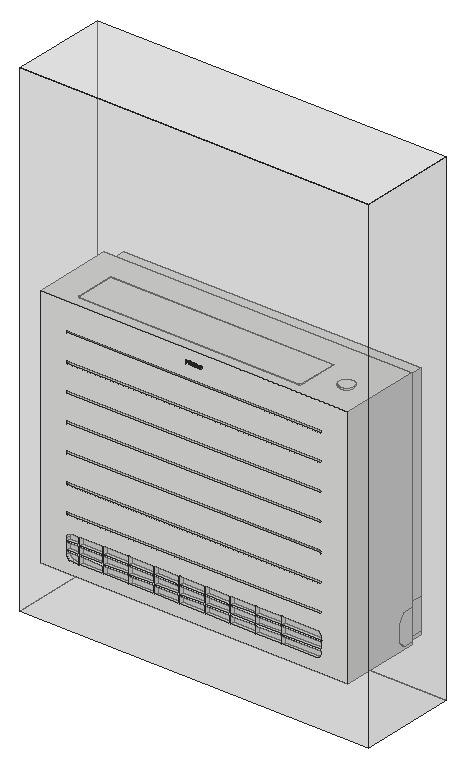
Revit family "outputfile", category 機械設備, Revit 2024
Family settings
  丸型コネクタ寸法 = 半径を使用
  パーツ タイプ = 標準
  OmniClass 番号 = 23.75.10.24.21.27.27
  OmniClass タイトル = Split System Air Conditioning Units
  作業面ベース = いいえ
  常に垂直 = はい
  ロード時にボイドで切り取り = いいえ
  注釈の向きを維持 = いいえ
  共有 = いいえ
  部屋計算ポイント = いいえ
Parameters (values of type "FVXM60YVMA")
  Description = ""
  書き出し IFC クラス(タイプ) = "IfcUnitaryEquipmentType"
  定義済み IFC タイプ(タイプ) = "AIRCONDITIONINGUNIT"
  Cost = 0
  Type Comments = ""
  Keynote = ""
  Type Image = (empty or 0)
  Assembly Code = ""
  switch_frequency = yes
  lw_powersupply [instance] = if(or(Rear Right Connection_refrigerant, Bottom Right Connection_refrigerant), 40.0 mm, if(or(Rear Left Connection_refrigerant, Bottom Left Connection_refrigerant), 630.0 mm, 40.0 mm))  # 40.0 mm
  lw_liquidpipe [instance] = if(or(Rear Right Connection_refrigerant, Bottom Right Connection_refrigerant), 60.0 mm, if(or(Rear Left Connection_refrigerant, Bottom Left Connection_refrigerant), 650.0 mm, 60.0 mm))  # 60.0 mm
  lw_gaspipe [instance] = if(or(Rear Right Connection_refrigerant, Bottom Right Connection_refrigerant), 60.0 mm, if(or(Rear Left Connection_refrigerant, Bottom Left Connection_refrigerant), 650.0 mm, 60.0 mm))  # 60.0 mm
  lw_drainpipe [instance] = if(or(Rear Right Connection_refrigerant, Bottom Right Connection_refrigerant), 80.0 mm, if(or(Rear Left Connection_refrigerant, Bottom Left Connection_refrigerant), 680.0 mm, 80.0 mm))  # 80.0 mm
  lh_liquidpipe [instance] = if(or(Bottom Left Connection_refrigerant, Bottom Right Connection_refrigerant), 258.0 mm, 60.0 mm)  # 60.0 mm
  lh_gaspipe [instance] = if(or(Bottom Left Connection_refrigerant, Bottom Right Connection_refrigerant), 211.0 mm, 40.0 mm)  # 40.0 mm
  lh_drainpipe [instance] = if(or(Bottom Left Connection_refrigerant, Bottom Right Connection_refrigerant), 95.0 mm, 20.0 mm)  # 20.0 mm
  ld_liquidpipe [instance] = if(or(Rear Left Connection_refrigerant, Rear Right Connection_refrigerant), 147.0 mm, 40.0 mm)  # 40.0 mm
  ld_gaspipe [instance] = if(or(Rear Left Connection_refrigerant, Rear Right Connection_refrigerant), 130.0 mm, 30.0 mm)  # 30.0 mm
  ld_drainpipe [instance] = if(or(Rear Left Connection_refrigerant, Rear Right Connection_refrigerant), 123.0 mm, 30.0 mm)  # 30.0 mm
  l_powersupply_length [instance] = if(Right Connection_refrigerant, 40.0 mm - 14.0 mm, if(Left Connection_refrigerant, 750.0 mm - 40.0 mm - 14.0 mm, if(or(Rear Left Connection_refrigerant, Rear Right Connection_refrigerant), 30.0 mm, 74.0 mm)))  # 26.0 mm
  l_liquidpipe_length [instance] = if(Right Connection_refrigerant, 60.0 mm - 14.0 mm, if(Left Connection_refrigerant, 750.0 mm - 60.0 mm - 14.0 mm, if(or(Rear Left Connection_refrigerant, Rear Right Connection_refrigerant), 147.0 mm, 258.0 mm)))  # 46.0 mm
  l_gaspipe_length [instance] = if(Right Connection_refrigerant, 60.0 mm - 14.0 mm, if(Left Connection_refrigerant, 750.0 mm - 60.0 mm - 14.0 mm, if(or(Rear Left Connection_refrigerant, Rear Right Connection_refrigerant), 130.0 mm, 211.0 mm)))  # 46.0 mm
  l_drainpipe_length [instance] = if(Right Connection_refrigerant, 80.0 mm - 14.0 mm, if(Left Connection_refrigerant, 750.0 mm - 80.0 mm - 14.0 mm, if(or(Rear Left Connection_refrigerant, Rear Right Connection_refrigerant), 123.0 mm, 95.0 mm)))  # 66.0 mm
  daikin_mountinghole = Depth = 350.0 mm  # no
  connector_voltage = Voltage_60Hz  # 220 V
  connector_powerinput = [Power Input (Cooling)]  # 1.660 kW
  connector_phase = Phase_60Hz  # 1
  angle_vertical [instance] = if(or(Bottom Left Connection_refrigerant, Bottom Right Connection_refrigerant), 0.00°, 90.00°)  # 90.00°
  angle_horizontal [instance] = if(Right Connection_refrigerant, 90.00°, if(Left Connection_refrigerant, -90.00°, if(or(Rear Left Connection_refrigerant, Rear Right Connection_refrigerant), 180.00°, 0.00°)))  # 90.00°
  Voltage_comment_60Hz = "220-230"
  Voltage_comment_50Hz = "220 - 240"
  Voltage_60Hz = 220 V
  Voltage_50Hz = 230 V
  URL = ""
  Total Heating Capacity [instance] = 0.000 kW
  Right Connection_refrigerant [instance] = yes
  製造元 = "Daikin"
  モデル = "FVXM60YVMA"
  r_Liquid Pipe Size = Liquid Pipe Size / 2  # 3.2 mm
  r_Gas Pipe Size = Gas Pipe Size / 2  # 6.35 mm
  r_Drain Pipe Size = Drain Pipe Size / 2  # 8.0 mm
  h*** = 0.0 mm  # constant formula
  Width = 750.0 mm
  Version = "ver.1.0"
  Unit Type = "Floor Standing"
  Unit Mass Weight = 18.00 kg
  Unit Designation [instance] = ""
  Uniclass2015Version = "Products v1.30"
  Uniclass2015Title = "Split coil room air conditioning units"
  Uniclass2015Code = "Pr_70_65_03_86"
  Total Cooling Capacity [instance] = 0.000 kW
  Sound Pressure Level_M speed (dBA) = 41
  Sound Pressure Level_L speed (dBA) = 36
  Sound Pressure Level_H speed (dBA) = 52
  Sound Power Level_H speed (dB) = 0
  Series = "Single Split_Fan Coil Unit"
  Sensible Cooling Capacity [instance] = 0.000 kW
  Refrigerant Type = "R32"
  Rear Right Connection_refrigerant [instance] = no
  Rear Left Connection_refrigerant [instance] = no
  Power Input (Heating) = 1.820 kW
  Power Input (Cooling) = 1.660 kW
  Phase_60Hz = 1
  Phase_50Hz = 1
  Option Accessory 3 [instance] = ""
  Option Accessory 2 [instance] = ""
  Option Accessory 1 [instance] = ""
  Nominal Heating Capacity = 7.000 kW
  Nominal Cooling Capacity = 6.000 kW
  Minimum External Static Pressure = 0.00 Pa
  Minimum Circuit Amps_60Hz = 0.0 A
  Minimum Circuit Amps_50Hz = 0.0 A
  Minimum Airflow = 468.00 m³/h
  Median Airflow = 582.00 m³/h
  Maximum Fuse Amps_60Hz = 0.0 A
  Maximum Fuse Amps_50Hz = 0.0 A
  Maximum External Static Pressure = 0.00 Pa
  Maximum Airflow = 876.00 m³/h
  Material_Casing = DAIKIN_White_Casing_indoorunit
  Load Classification = HVAC
  Liquid Pipe Size = 6.4 mm
  Link_Nested Family [instance] = ""
  Left Connection_refrigerant [instance] = no
  IfcVersion = ""
  IfcExportType = "AIRCONDITIONINGUNIT"
  IfcExportAs = "IfcUnitaryEquipmentType"
  Height = 600.0 mm
  Heating Entering Wet Bulb Temperature [instance] = -273.15 °C
  Heating Entering Dry Bulb Temperature [instance] = -273.15 °C
  Heating Ambient Wet Bulb Temperature [instance] = -273.15 °C
  Heating Ambient Dry Bulb Temperature [instance] = -273.15 °C
  Heat Exchanger Type = "Cross Fin Coil"
  Gas Pipe Size = 12.7 mm
  Frequency_60Hz = 60 Hz
  Frequency_50Hz = 50 Hz
  Fan Type = "Turbo Fan"
  Fan Drive = "-"
  FCU Tag No. [instance] = ""
  Drain Pipe Size = 16.0 mm
  Design Supply Airflow [instance] = 0.00 m³/h
  Design External Static Pressure [instance] = 0.00 Pa
  Depth = 238.0 mm
  既定の高さ = 0.0 mm
  Cooling Entering Wet Bulb Temperature [instance] = 0.00 °C
  Cooling Entering Dry Bulb Temperature [instance] = 0.00 °C
  Cooling Ambient Wet Bulb Temperature [instance] = 0.00 °C
  Cooling Ambient Dry Bulb Temperature [instance] = 0.00 °C
  Clearance visibility [instance] = yes
  Clearance Top = 467.0 mm
  Clearance Right = 50.0 mm
  Clearance Rear = 0.0 mm
  Clearance Left = 50.0 mm
  Clearance Front = 0.0 mm
  Clearance Bottom = 120.0 mm
  Bottom Right Connection_refrigerant [instance] = no
  Bottom Left Connection_refrigerant [instance] = no
Reference planes
  plane 1: z = 0
  plane 2 "Center (Left/Right)": x = 0
  plane 3 "Center (Front/Back)": y = -23
  plane 4 "Front": y = -142
  plane 5: x = 315
  plane 6: x = 315
  plane 7: z = 0
  plane 8: z = 467
  plane 9: z = -720
  plane 10: x = -425
  plane 11: x = 425
  plane 12: y = -142
  plane 13: y = 96
  plane 14 "Bottom": z = -600
  plane 15 "Left": x = -375
  plane 16 "Right": x = 375
  plane 17 "Top": z = 0
  plane 18 "Back": y = 96
  plane 19 "lh_drainpipe": z = -580
  plane 20 "ld_liquidpipe_gaspipe": y = 56
  plane 21 "ld_drainpipe": y = 66
  plane 22 "ld_powersupply": y = 66
  plane 23 "lh_liquidpipe": z = -540
  plane 24 "lh_gaspipe": z = -560
  plane 25 "ld_gaspipe": y = 66
  plane 26 "lw_drainpipe": x = 295
  plane 27 "lw_powersupply": x = 335
  plane 28 "lh_powersupply": z = -526
Dimensions and locks
  "Width": plane 16 "Right" to plane 15 "Left"
  equal spacing: plane 16 "Right", plane 2 "Center (Left/Right)", plane 15 "Left"
  "Clearance Rear": plane 13 to plane 18 "Back"
  "Clearance Right": plane 11 to plane 16 "Right"
  "Clearance Left": plane 15 "Left" to plane 10
  "Clearance Top": plane 8 to plane 17 "Top"
  "Clearance Bottom": plane 14 "Bottom" to plane 9
  "Height": plane 1 to plane 14 "Bottom"
  equal spacing: plane 18 "Back", plane 3 "Center (Front/Back)", plane 4 "Front"
  "Depth": plane 18 "Back" to plane 4 "Front"
  "Clearance Front": plane 4 "Front" to plane 12
  "ld_liquidpipe": plane 18 "Back" to plane 20 "ld_liquidpipe_gaspipe"
  "lh_liquidpipe": plane 23 "lh_liquidpipe" to plane 14 "Bottom"
  "lw_liquidpipe": plane 6 to plane 16 "Right"
  "ld_gaspipe": plane 18 "Back" to plane 25 "ld_gaspipe"
  "lw_gaspipe": plane 5 to plane 16 "Right"
  "lh_gaspipe": plane 24 "lh_gaspipe" to plane 14 "Bottom"
  "lh_drainpipe": plane 19 "lh_drainpipe" to plane 14 "Bottom"
  "lw_drainpipe": plane 26 "lw_drainpipe" to plane 16 "Right"
  "ld_drainpipe": plane 18 "Back" to plane 21 "ld_drainpipe"
  "lw_powersupply": plane 27 "lw_powersupply" to plane 16 "Right"
  locked: plane 18 "Back" to plane 22 "ld_powersupply" at 30
  locked: plane 28 "lh_powersupply" to plane 14 "Bottom" at 74
  aligned and locked: level to plane 1
  aligned and locked: nested 1 to plane 13
  aligned and locked: nested 1 to plane 12
  aligned and locked: plane 8 to nested 1
  aligned and locked: plane 9 to nested 1
  aligned and locked: plane 10 to nested 1
  aligned and locked: plane 11 to nested 1
  aligned and locked: nested 2 to plane 18 "Back"
  aligned and locked: plane 2 "Center (Left/Right)" to nested 2
  aligned and locked: plane 17 "Top" to nested 2
  aligned and locked: nested 3 to plane 20 "ld_liquidpipe_gaspipe"
  aligned and locked: plane 6 to nested 3
  aligned and locked: nested 4 to plane 25 "ld_gaspipe"
  aligned and locked: plane 5 to nested 4
  aligned and locked: plane 26 "lw_drainpipe" to nested 5
  aligned and locked: nested 5 to plane 21 "ld_drainpipe"
  aligned and locked: plane 27 "lw_powersupply" to nested 6
  aligned and locked: nested 6 to plane 22 "ld_powersupply"
  aligned and locked: plane 17 "Top" to plane 1
Nested families
  nested 1: "daikin_clearancespace" at (0, -23, -126.381), visible <- "Clearance visibility", show <- "Clearance visibility", Link_Nested Family <- "Link_Nested Family", type "daikin_clearancespace"
    with width 850.0 mm, show yes, height 1187.0 mm, depth 238.0 mm, Link_Nested Family ""
  nested 2: "DAIKIN_indoorunit_FVXM-YVMA" at (-31, 96, 0), type "FVXM-YVMA"
  nested 3: "daikin_connector_rotate3" at (315, 56, -540), angle_vertical <- "angle_vertical", angle_horizontal <- "angle_horizontal", radius <- "r_Liquid Pipe Size", length <- "l_liquidpipe_length", type "daikin_connector_rotate3"
    with show no, radius 3.2 mm, length 46.0 mm, angle_vertical 90.00°, angle_horizontal 90.00°
  nested 4: "daikin_connector_rotate3" at (315, 66, -560), angle_vertical <- "angle_vertical", angle_horizontal <- "angle_horizontal", length <- "l_gaspipe_length", radius <- "r_Gas Pipe Size", type "daikin_connector_rotate3"
    with show no, radius 6.35 mm, length 46.0 mm, angle_vertical 90.00°, angle_horizontal 90.00°
  nested 5: "daikin_connector_rotate3" at (295, 66, -580), angle_vertical <- "angle_vertical", angle_horizontal <- "angle_horizontal", length <- "l_drainpipe_length", radius <- "r_Drain Pipe Size", type "daikin_connector_rotate3"
    with show no, radius 8.0 mm, length 66.0 mm, angle_vertical 90.00°, angle_horizontal 90.00°
  nested 6: "daikin_connector_rotate3" at (335, 66, -526), angle_vertical <- "angle_vertical", angle_horizontal <- "angle_horizontal", length <- "l_powersupply_length", type "daikin_connector_rotate3"
    with show no, radius 10.0 mm, length 26.0 mm, angle_vertical 90.00°, angle_horizontal 90.00°
Connectors
  piping at (361, 56, -540), diameter 6.4, driven by "r_Liquid Pipe Size"
    settings: on nested 3, index 1, connector inside diameter 609.6 mm, connector length 0.0 mm, flow factor 0, pipe flow 0.00 m³/h, pressure drop 0.0 Pa, fitting loss kfactor 0, connector angle 0.00°, fixture units 0, engagement length 0.0 mm, angle of deflection 0.00°, flow configuration 1, flow direction 1, fitting loss method 0, system type 29, joint type 0, gender type 0, connector reference index -1, connector utility 0, adjustable connector no, is connector primary yes, connector description "Refrigerant Liquid Piping"
  piping at (361, 66, -560), diameter 12.7, driven by "r_Gas Pipe Size"
    settings: on nested 4, index 2, connector inside diameter 609.6 mm, connector length 0.0 mm, flow factor 0, pipe flow 0.00 m³/h, pressure drop 0.0 Pa, fitting loss kfactor 0, connector angle 0.00°, fixture units 0, engagement length 0.0 mm, angle of deflection 0.00°, flow configuration 1, flow direction 2, fitting loss method 0, system type 29, joint type 0, gender type 0, connector reference index -1, connector utility 0, adjustable connector no, is connector primary no, connector description "Refrigerant Gas Piping"
  piping at (361, 66, -580), diameter 16, driven by "r_Drain Pipe Size"
    settings: on nested 5, index 3, connector inside diameter 609.6 mm, connector length 0.0 mm, flow factor 0, pipe flow 0.00 m³/h, pressure drop 0.0 Pa, fitting loss kfactor 0, connector angle 0.00°, fixture units 0, engagement length 0.0 mm, angle of deflection 0.00°, flow configuration 1, flow direction 2, fitting loss method 4, system type 16, joint type 0, gender type 0, connector reference index -1, connector utility 0, adjustable connector no, is connector primary no, connector description "Condensate Drain Piping"
  electrical at (361, 66, -526), driven by "connector_phase", driven by "Load Classification", driven by "connector_voltage", driven by "connector_powerinput"
    settings: on nested 6, index 4, voltage 220 V, apparent load 1660 VA, apparent load phase1 0 VA, apparent load phase2 0 VA, apparent load phase3 0 VA, power factor 1, load classification "HVAC", number of poles 1, system type 30, power factor state 1, is connector primary yes, connector utility no, sub classification motor no, connector description "Power Supply"
Definition of nested family "daikin_clearancespace"
  Parameters (values of type "daikin_clearancespace")
    Description = "daikin_clearancespace"
    width [instance] = 1823.963 mm
    show [instance] = yes
    material = none
    height [instance] = 1359.762 mm
    depth [instance] = 880.0 mm
    Default Elevation = 0.0 mm
    Link_Nested Family [instance] = ""
  Reference planes
    plane 1 "Center (Front/Back)": y = 0
    plane 2 "Center (Elevation)": z = -0.119
    plane 3 "Center (Left/Right)": x = 0
    plane 4: y = 440
    plane 5: y = -440
    plane 6 "Right": x = 911.982
    plane 7 "Left": x = -911.982
    plane 8 "Top": z = 679.762
    plane 9 "Bottom": z = -680
  Forms (mm)
    Extrusion 1, solid, material <- "material", visible <- "show"
      sketch origin (0, 0, 0) x (1, 0, 0) y (0, 1, 0)
        loop
          line (-911.982, 440) -> (-911.982, -440) -> (911.982, -440) -> (911.982, 440) -> (-911.982, 440)
      from -680 to 679.762
  Lines and regions (mm)
    symbolic lines, visible <- "show"
      curve 1: line (911.982, 440, 0) -> (-911.982, 440, 0)
      curve 2: line (-911.982, 440, 0) -> (-911.982, -440, 0)
      curve 3: line (-911.982, -440, 0) -> (911.982, -440, 0)
      curve 4: line (911.982, -440, 0) -> (911.982, 440, 0)
      curve 5: line (911.982, 0, 679.762) -> (-911.982, 0, 679.762)
      curve 6: line (911.982, 0, -680) -> (911.982, 0, 679.762)
      curve 7: line (-911.982, 0, -680) -> (911.982, 0, -680)
      curve 8: line (-911.982, 0, 679.762) -> (-911.982, 0, -680)
      curve 9: line (0, 440, 679.762) -> (0, -440, 679.762)
      curve 10: line (0, -440, 679.762) -> (0, -440, -680)
      curve 11: line (0, 440, -680) -> (0, 440, 679.762)
      curve 12: line (0, -440, -680) -> (0, 440, -680)
  Dimensions and locks
    "width": plane 7 "Left" to plane 6 "Right"
    "depth": plane 4 to plane 5
    "height": plane 8 "Top" to plane 9 "Bottom"
    equal spacing: plane 7 "Left", plane 3 "Center (Left/Right)", plane 6 "Right"
    equal spacing: plane 4, plane 1 "Center (Front/Back)", plane 5
    equal spacing: plane 8 "Top", plane 2 "Center (Elevation)", plane 9 "Bottom"
    aligned and locked: level to plane 2 "Center (Elevation)"
    aligned and locked: Extrusion 1 sketch curve to plane 4
    aligned and locked: plane 7 "Left" to Extrusion 1 sketch curve
    aligned and locked: Extrusion 1 sketch curve to plane 5
    aligned and locked: Extrusion 1 sketch curve to plane 6 "Right"
    aligned and locked: plane 8 "Top" to Extrusion 1
    aligned and locked: curve 1 to Extrusion 1
    aligned and locked: curve 2 to Extrusion 1
    aligned and locked: curve 3 to Extrusion 1
    aligned and locked: curve 4 to Extrusion 1
    aligned and locked: curve 5 to Extrusion 1
    aligned and locked: curve 6 to Extrusion 1
    aligned and locked: curve 7 to Extrusion 1
    aligned and locked: curve 8 to Extrusion 1
    aligned and locked: curve 9 to Extrusion 1
    aligned and locked: curve 10 to Extrusion 1
    aligned and locked: curve 11 to Extrusion 1
    aligned and locked: curve 12 to Extrusion 1
    aligned and locked: Extrusion 1 to plane 9 "Bottom"
Definition of nested family "DAIKIN_indoorunit_FVXM-YVMA"
  Parameters (values of type "FVXM-YVMA")
    Width = 750.0 mm
    Material_Casing = none
    Height = 600.0 mm
    Default Elevation = 0.0 mm
  Reference planes
    plane 1 "Center (Front/Back)": y = 0
    plane 2 "reference_level": z = 0
    plane 3 "Center (Left/Right)": x = 31
    plane 4: x = -330
    plane 5: x = 392
    plane 6: z = -600
    plane 7: y = -238
    plane 8: x = -344
    plane 9: x = 406
    plane 10: z = -600
  Forms (mm)
    Extrusion 1, solid, material <- "Material_Casing"
      sketch origin (392, 3296.25, 1200) x (0, -1, 0) y (0, 0, 1)
        loop
          line (3296.25, -1715) -> (3296.25, -1790.3) -> (3314.25, -1790.3) -> (3341.25, -1790.3) -> (3341.25, -1715) -> (3312.25, -1715) -> (3296.25, -1715)
      from 0 to 5
    Extrusion 2, solid, material <- "Material_Casing"
      sketch origin (31, 2200, -600) x (-1, 0, 0) y (0, -1, 0)
        loop
          line (-276, 2220.469) -> (-276, 2333)
          arc (-276, 2333) -> (-280.393, 2343.607) -> (-291, 2348) r 15
          line (-291, 2348) -> (-331, 2348)
          arc (-331, 2348) -> (-341.607, 2343.607) -> (-346, 2333) r 15
          line (-346, 2333) -> (-346, 2220.469) -> (-276, 2220.469)
        loop
          arc (346, 2280.031) -> (344.335, 2283.756) -> (340.448, 2285) r 5
          line (340.448, 2285) -> (235.887, 2285)
          arc (235.887, 2285) -> (232.431, 2283.569) -> (231, 2280.113) r 4.887
          line (231, 2280.113) -> (231, 2220.469) -> (346, 2220.469) -> (346, 2280.031)
      from 0 to 5
    Extrusion 3, solid, material <- "Material_Casing"
      sketch origin (31, 2000, -50) x (0, 1, 0) y (0, 0, 1)
        loop
          line (-2045, 33) -> (-2045, -550) -> (-2000, -550) -> (-2000, 33) -> (-2045, 33)
      from -361 to 361
    Extrusion 4, solid, material <- "Material_Casing"
      sketch origin (31, 0, 0) x (1, 0, 0) y (0, 0, 1)
        loop
          circle (296, -542) r 58
        loop
          circle (-296, -542) r 58
      from 0 to 18
    Extrusion 5, solid, material <- "Material_Casing"
      sketch origin (-344, 3296.25, 1200) x (0, -1, 0) y (0, 0, -1)
        loop
          line (3341.25, 1715) -> (3355.25, 1715)
          arc (3355.25, 1715) -> (3370.807, 1721.444) -> (3377.25, 1737) r 22
          line (3377.25, 1737) -> (3377.25, 1768.3)
          arc (3377.25, 1768.3) -> (3370.807, 1783.856) -> (3355.25, 1790.3) r 22
          line (3355.25, 1790.3) -> (3341.25, 1790.3) -> (3341.25, 1715)
      from 0 to 5
    Extrusion 6, solid, material <- "Material_Casing"
      sketch origin (31, 0, 0) x (0, 1, 0) y (0, 0, 1)
        loop
          line (-238, -2) -> (-238, -596) -> (-229.5, -596) -> (-229.5, -600) -> (-45, -600) -> (-45, -2) -> (-238, -2)
      from -375 to 375
    Extrusion 7, void
      sketch origin (-663.497, -183, 1200) x (-1, 0, 0) y (0, 0, 1)
        loop
          line (-333.497, -1796) -> (-333.497, -1826) -> (-298.497, -1826) -> (-298.497, -1796) -> (-333.497, -1796)
        loop
          line (-1055.497, -1796) -> (-1090.497, -1796) -> (-1090.497, -1826) -> (-1055.497, -1826) -> (-1055.497, -1796)
      from -55 to 495
    Extrusion 8, solid, material <- "Material_Casing"
      sketch origin (0, 0, 0) x (1, 0, 0) y (0, 1, 0)
        loop
          circle (339.5, -158.981) r 18
      from -2 to 0
    Extrusion 9, void
      sketch origin (0, 0, 0) x (1, 0, 0) y (0, 1, 0)
        loop
          arc (-269.293, -211.674) -> (-2.048, -218.025) -> (265.245, -214.192) r 7016.372
          arc (265.245, -214.192) -> (268.673, -212.671) -> (270.079, -209.195) r 5
          line (270.079, -209.195) -> (270.079, -111.981) -> (-274.079, -111.981) -> (-274.079, -206.679)
          arc (-274.079, -206.679) -> (-272.689, -210.138) -> (-269.293, -211.674) r 5
      from -10 to 0
    Extrusion 10, solid, material <- "Material_Casing"
      sketch origin (0, 0, 0) x (1, 0, 0) y (0, 1, 0)
        loop
          arc (265.245, -214.192) -> (268.673, -212.671) -> (270.079, -209.195) r 5
          line (270.079, -209.195) -> (270.079, -111.981) -> (-274.079, -111.981) -> (-274.079, -206.679)
          arc (-274.079, -206.679) -> (-272.689, -210.138) -> (-269.293, -211.674) r 5
          arc (-269.293, -211.674) -> (-2.048, -218.025) -> (265.245, -214.192) r 7016.372
      from -10 to -2
    Extrusion 11, void
      sketch origin (-663.497, -183, 1200) x (-1, 0, 0) y (0, 0, 1)
        loop
          arc (-1002.372, -1264.5) -> (-1004.14, -1265.232) -> (-1004.872, -1267) r 2.5
          line (-1004.872, -1267) -> (-1004.872, -1269)
          arc (-1004.872, -1269) -> (-1004.286, -1270.414) -> (-1002.872, -1271) r 2
          line (-1002.872, -1271) -> (-386.123, -1271)
          arc (-386.123, -1271) -> (-384.709, -1270.414) -> (-384.123, -1269) r 2
          line (-384.123, -1269) -> (-384.123, -1267)
          arc (-384.123, -1267) -> (-384.855, -1265.232) -> (-386.623, -1264.5) r 2.5
          line (-386.623, -1264.5) -> (-1002.372, -1264.5)
        loop
          arc (-1002.372, -1330.5) -> (-1004.14, -1331.232) -> (-1004.872, -1333) r 2.5
          line (-1004.872, -1333) -> (-1004.872, -1335)
          arc (-1004.872, -1335) -> (-1004.286, -1336.414) -> (-1002.872, -1337) r 2
          line (-1002.872, -1337) -> (-386.123, -1337)
          arc (-386.123, -1337) -> (-384.709, -1336.414) -> (-384.123, -1335) r 2
          line (-384.123, -1335) -> (-384.123, -1333)
          arc (-384.123, -1333) -> (-384.855, -1331.232) -> (-386.623, -1330.5) r 2.5
          line (-386.623, -1330.5) -> (-1002.372, -1330.5)
        loop
          arc (-1002.372, -1396.5) -> (-1004.14, -1397.232) -> (-1004.872, -1399) r 2.5
          line (-1004.872, -1399) -> (-1004.872, -1401)
          arc (-1004.872, -1401) -> (-1004.286, -1402.414) -> (-1002.872, -1403) r 2
          line (-1002.872, -1403) -> (-386.123, -1403)
          arc (-386.123, -1403) -> (-384.709, -1402.414) -> (-384.123, -1401) r 2
          line (-384.123, -1401) -> (-384.123, -1399)
          arc (-384.123, -1399) -> (-384.855, -1397.232) -> (-386.623, -1396.5) r 2.5
          line (-386.623, -1396.5) -> (-1002.372, -1396.5)
        loop
          arc (-1002.372, -1462.5) -> (-1004.14, -1463.232) -> (-1004.872, -1465) r 2.5
          line (-1004.872, -1465) -> (-1004.872, -1467)
          arc (-1004.872, -1467) -> (-1004.286, -1468.414) -> (-1002.872, -1469) r 2
          line (-1002.872, -1469) -> (-386.123, -1469)
          arc (-386.123, -1469) -> (-384.709, -1468.414) -> (-384.123, -1467) r 2
          line (-384.123, -1467) -> (-384.123, -1465)
          arc (-384.123, -1465) -> (-384.855, -1463.232) -> (-386.623, -1462.5) r 2.5
          line (-386.623, -1462.5) -> (-1002.372, -1462.5)
        loop
          arc (-1002.372, -1528.5) -> (-1004.14, -1529.232) -> (-1004.872, -1531) r 2.5
          line (-1004.872, -1531) -> (-1004.872, -1533)
          arc (-1004.872, -1533) -> (-1004.286, -1534.414) -> (-1002.872, -1535) r 2
          line (-1002.872, -1535) -> (-386.123, -1535)
          arc (-386.123, -1535) -> (-384.709, -1534.414) -> (-384.123, -1533) r 2
          line (-384.123, -1533) -> (-384.123, -1531)
          arc (-384.123, -1531) -> (-384.855, -1529.232) -> (-386.623, -1528.5) r 2.5
          line (-386.623, -1528.5) -> (-1002.372, -1528.5)
        loop
          arc (-1002.372, -1594.5) -> (-1004.14, -1595.232) -> (-1004.872, -1597) r 2.5
          line (-1004.872, -1597) -> (-1004.872, -1599)
          arc (-1004.872, -1599) -> (-1004.286, -1600.414) -> (-1002.872, -1601) r 2
          line (-1002.872, -1601) -> (-386.123, -1601)
          arc (-386.123, -1601) -> (-384.709, -1600.414) -> (-384.123, -1599) r 2
          line (-384.123, -1599) -> (-384.123, -1597)
          arc (-384.123, -1597) -> (-384.855, -1595.232) -> (-386.623, -1594.5) r 2.5
          line (-386.623, -1594.5) -> (-1002.372, -1594.5)
        loop
          arc (-1002.372, -1660.5) -> (-1004.14, -1661.232) -> (-1004.872, -1663) r 2.5
          line (-1004.872, -1663) -> (-1004.872, -1665)
          arc (-1004.872, -1665) -> (-1004.286, -1666.414) -> (-1002.872, -1667) r 2
          line (-1002.872, -1667) -> (-386.123, -1667)
          arc (-386.123, -1667) -> (-384.709, -1666.414) -> (-384.123, -1665) r 2
          line (-384.123, -1665) -> (-384.123, -1663)
          arc (-384.123, -1663) -> (-384.855, -1661.232) -> (-386.623, -1660.5) r 2.5
          line (-386.623, -1660.5) -> (-1002.372, -1660.5)
        loop
          line (-907.024, -1705.5) -> (-907.024, -1724.25) -> (-845.397, -1724.25) -> (-845.397, -1705.5) -> (-907.024, -1705.5)
        loop
          line (-396.123, -1705.5) -> (-412.997, -1705.5) -> (-412.997, -1724.137) -> (-384.123, -1724.137) -> (-384.123, -1717.5)
          arc (-384.123, -1717.5) -> (-387.637, -1709.015) -> (-396.123, -1705.5) r 12
        loop
          line (-1004.872, -1724.399) -> (-908.997, -1724.399) -> (-908.997, -1705.5) -> (-992.872, -1705.5)
          arc (-992.872, -1705.5) -> (-1001.357, -1709.015) -> (-1004.872, -1717.5) r 12
          line (-1004.872, -1717.5) -> (-1004.872, -1724.399)
        loop
          line (-721.597, -1705.5) -> (-781.498, -1705.5) -> (-781.498, -1724.25) -> (-721.597, -1724.25) -> (-721.597, -1705.5)
        loop
          line (-783.497, -1705.5) -> (-843.398, -1705.5) -> (-843.398, -1724.25) -> (-783.497, -1724.25) -> (-783.497, -1705.5)
        loop
          line (-597.797, -1705.5) -> (-657.698, -1705.5) -> (-657.698, -1724.25) -> (-597.797, -1724.25) -> (-597.797, -1705.5)
        loop
          line (-659.697, -1705.5) -> (-719.598, -1705.5) -> (-719.598, -1724.25) -> (-659.697, -1724.25) -> (-659.697, -1705.5)
        loop
          line (-473.997, -1705.5) -> (-533.898, -1705.5) -> (-533.898, -1724.25) -> (-473.997, -1724.25) -> (-473.997, -1705.5)
        loop
          line (-535.897, -1705.5) -> (-595.798, -1705.5) -> (-595.798, -1724.25) -> (-535.897, -1724.25) -> (-535.897, -1705.5)
        loop
          line (-414.913, -1705.5) -> (-471.998, -1705.5) -> (-471.998, -1724.25) -> (-414.973, -1724.25) -> (-414.913, -1705.5)
        loop
          line (-907.024, -1766.5) -> (-845.397, -1766.5) -> (-845.397, -1747.75) -> (-907.024, -1747.75) -> (-907.024, -1766.5)
        loop
          arc (-396.123, -1766.5) -> (-387.637, -1762.985) -> (-384.123, -1754.5) r 12
          line (-384.123, -1754.5) -> (-384.123, -1747.863) -> (-412.997, -1747.863) -> (-412.997, -1766.5) -> (-396.123, -1766.5)
        loop
          line (-1004.872, -1747.601) -> (-1004.872, -1754.5)
          arc (-1004.872, -1754.5) -> (-1001.357, -1762.985) -> (-992.872, -1766.5) r 12
          line (-992.872, -1766.5) -> (-908.997, -1766.5) -> (-908.997, -1747.601) -> (-1004.872, -1747.601)
        loop
          line (-721.597, -1766.5) -> (-721.597, -1747.75) -> (-781.498, -1747.75) -> (-781.498, -1766.5) -> (-721.597, -1766.5)
        loop
          line (-783.497, -1766.5) -> (-783.497, -1747.75) -> (-843.398, -1747.75) -> (-843.398, -1766.5) -> (-783.497, -1766.5)
        loop
          line (-597.797, -1766.5) -> (-597.797, -1747.75) -> (-657.698, -1747.75) -> (-657.698, -1766.5) -> (-597.797, -1766.5)
        loop
          line (-659.697, -1766.5) -> (-659.697, -1747.75) -> (-719.598, -1747.75) -> (-719.598, -1766.5) -> (-659.697, -1766.5)
        loop
          line (-473.997, -1766.5) -> (-473.997, -1747.75) -> (-533.898, -1747.75) -> (-533.898, -1766.5) -> (-473.997, -1766.5)
        loop
          line (-535.897, -1766.5) -> (-535.897, -1747.75) -> (-595.798, -1747.75) -> (-595.798, -1766.5) -> (-535.897, -1766.5)
        loop
          line (-414.913, -1766.5) -> (-414.973, -1747.75) -> (-471.998, -1747.75) -> (-471.998, -1766.5) -> (-414.913, -1766.5)
        loop
          line (-384.123, -1726.863) -> (-412.997, -1726.863) -> (-412.997, -1745.137) -> (-384.123, -1745.137) -> (-384.123, -1726.863)
        loop
          line (-471.998, -1745.25) -> (-415.039, -1745.25) -> (-415.039, -1726.863) -> (-471.998, -1726.863) -> (-471.998, -1745.25)
        loop
          line (-533.897, -1745.25) -> (-473.997, -1745.25) -> (-473.997, -1726.863) -> (-533.897, -1726.863) -> (-533.897, -1745.25)
        loop
          line (-595.797, -1745.25) -> (-535.897, -1745.25) -> (-535.897, -1726.863) -> (-595.797, -1726.863) -> (-595.797, -1745.25)
        loop
          line (-657.697, -1745.25) -> (-597.797, -1745.25) -> (-597.797, -1726.863) -> (-657.697, -1726.863) -> (-657.697, -1745.25)
        loop
          line (-719.597, -1745.25) -> (-659.697, -1745.25) -> (-659.697, -1726.863) -> (-719.597, -1726.863) -> (-719.597, -1745.25)
        loop
          line (-781.497, -1745.25) -> (-721.597, -1745.25) -> (-721.597, -1726.863) -> (-781.497, -1726.863) -> (-781.497, -1745.25)
        loop
          line (-843.397, -1745.25) -> (-783.497, -1745.25) -> (-783.497, -1726.863) -> (-843.397, -1726.863) -> (-843.397, -1745.25)
        loop
          line (-906.955, -1745.25) -> (-845.397, -1745.25) -> (-845.397, -1726.863) -> (-906.955, -1726.863) -> (-906.955, -1745.25)
        loop
          line (-1004.872, -1745.25) -> (-908.997, -1745.25) -> (-908.997, -1726.863) -> (-1004.872, -1726.863) -> (-1004.872, -1745.25)
      from -200 to -45.918
    Extrusion 12, solid, material <- "Material_Casing"
      sketch origin (-330, 3296.25, 1200) x (0, -1, 0) y (0, 0, -1)
        loop
          line (3296.25, 1715) -> (3312.25, 1715) -> (3341.25, 1715) -> (3341.25, 1790.3) -> (3314.25, 1790.3) -> (3296.25, 1790.3) -> (3296.25, 1715)
      from 0 to 5
    Extrusion 13, solid, material <- "Material_Casing"
      sketch origin (406, 3296.25, 1200) x (0, -1, 0) y (0, 0, 1)
        loop
          line (3341.25, -1715) -> (3341.25, -1790.3) -> (3355.25, -1790.3)
          arc (3355.25, -1790.3) -> (3370.807, -1783.856) -> (3377.25, -1768.3) r 22
          line (3377.25, -1768.3) -> (3377.25, -1737)
          arc (3377.25, -1737) -> (3370.807, -1721.444) -> (3355.25, -1715) r 22
          line (3355.25, -1715) -> (3341.25, -1715)
      from 0 to 5
  Cuts and joins
    Extrusion 7, Extrusion 9, Extrusion 11 cuts Extrusion 6
    Extrusion 11 cuts Extrusion 3
  Lines and regions (mm)
    reference lines
      curve 1: line (0, -237.748, -22.637) -> (0, -237.748, -29.433)
  Dimensions and locks
    plane 5 to plane 4 = 722.0 mm
    Extrusion 4 sketch curve to plane 4 = 65.0 mm
    plane 5 to Extrusion 4 sketch curve = 65.0 mm
    Extrusion 4 sketch curve to plane 6 = 58.0 mm  (x2)
    equal spacing: plane 5, plane 3 "Center (Left/Right)", plane 4
    level to plane 6 = 600.0 mm
    equal spacing: plane 8, plane 3 "Center (Left/Right)", plane 9
    "Width": plane 8 to plane 9
    locked: plane 1 "Center (Front/Back)" to plane 7 at 238
    locked: plane 2 "reference_level" to plane 10 at 600
    locked: Extrusion 3 sketch curve to level at 600
    locked: plane 10 to Extrusion 1 sketch curve at 85
    locked: Extrusion 2 sketch curve to plane 1 "Center (Front/Back)" at 148
    locked: Extrusion 2 sketch curve to Extrusion 2 sketch curve at 70
    locked: Extrusion 2 sketch curve to plane 9 at 29
    locked: Extrusion 2 sketch curve to Extrusion 2 sketch curve at 115
    locked: plane 8 to Extrusion 2 sketch curve at 29
    locked: Extrusion 2 sketch curve to plane 1 "Center (Front/Back)" at 85
    locked: plane 10 to Extrusion 3 sketch curve at 583
    diameter of Extrusion 4 sketch curve = 116.0 mm  (x2)
    aligned and locked: level to plane 2 "reference_level"
  Automatic sketch dimensions
    Extrusion 1 sketch curve to plane 1 "Center (Front/Back)" = 0.0 mm
    plane 1 "Center (Front/Back)" to Extrusion 1 sketch curve = 16.0 mm
    plane 1 "Center (Front/Back)" to Extrusion 1 sketch curve = 18.0 mm
    Extrusion 1 sketch curve to Extrusion 1 sketch curve = 29.0 mm
    plane 10 to Extrusion 1 sketch curve = 9.7 mm
    Extrusion 2 sketch curve to Extrusion 2 sketch curve = 15.0 mm  (x2)
    Extrusion 2 sketch curve to Extrusion 2 sketch curve = 4.887 mm
    Extrusion 2 sketch curve to Extrusion 2 sketch curve = 5.552 mm
    Extrusion 2 sketch curve to Extrusion 2 sketch curve = 0.552 mm
    plane 1 "Center (Front/Back)" to Extrusion 2 sketch curve = 20.469 mm  (x2)
    Extrusion 3 sketch curve to plane 1 "Center (Front/Back)" = 0.0 mm
    plane 1 "Center (Front/Back)" to Extrusion 3 sketch curve = 45.0 mm
    plane 7 to curve 1 = 0.252 mm
    curve 1 to level = 29.433 mm
    curve 1 to curve 1 = 6.796 mm
    plane 1 "Center (Front/Back)" to Extrusion 5 sketch curve = 45.0 mm
    Extrusion 5 sketch curve to Extrusion 5 sketch curve = 14.0 mm  (x2)
    Extrusion 5 sketch curve to Extrusion 5 sketch curve = 22.0 mm
    plane 10 to Extrusion 5 sketch curve = 85.0 mm
    Extrusion 5 sketch curve to Extrusion 5 sketch curve = 31.3 mm
    Extrusion 6 sketch curve to plane 7 = 0.0 mm
    Extrusion 6 sketch curve to plane 10 = 0.0 mm
    plane 10 to Extrusion 6 sketch curve = 4.0 mm
    plane 7 to Extrusion 6 sketch curve = 8.5 mm
    plane 1 "Center (Front/Back)" to Extrusion 6 sketch curve = 45.0 mm
    Extrusion 6 sketch curve to level = 2.0 mm
    plane 10 to Extrusion 7 sketch curve = 4.0 mm  (x2)
    Extrusion 7 sketch curve to plane 9 = 21.0 mm
    plane 9 to Extrusion 7 sketch curve = 14.0 mm
    plane 8 to Extrusion 7 sketch curve = 14.0 mm
    Extrusion 7 sketch curve to plane 8 = 21.0 mm
    Extrusion 7 sketch curve to plane 10 = 26.0 mm  (x2)
    Extrusion 9 sketch curve to plane 3 "Center (Left/Right)" = 0.0 mm
    plane 7 to Extrusion 9 sketch curve = 31.321 mm
    plane 8 to Extrusion 9 sketch curve = 74.921 mm
    plane 8 to Extrusion 9 sketch curve = 69.921 mm
    plane 7 to Extrusion 9 sketch curve = 28.805 mm
    plane 9 to Extrusion 9 sketch curve = 140.921 mm
    Extrusion 9 sketch curve to Extrusion 9 sketch curve = 5.0 mm
    Extrusion 9 sketch curve to Extrusion 9 sketch curve = 94.698 mm
    Extrusion 9 sketch curve to plane 1 "Center (Front/Back)" = 6798.269 mm
    Extrusion 9 sketch curve to Extrusion 9 sketch curve = 0.0 mm
    Extrusion 10 sketch curve to plane 3 "Center (Left/Right)" = 0.0 mm
    plane 8 to Extrusion 10 sketch curve = 74.921 mm
    plane 8 to Extrusion 10 sketch curve = 69.921 mm
    plane 7 to Extrusion 10 sketch curve = 28.805 mm
    plane 9 to Extrusion 10 sketch curve = 140.921 mm
    Extrusion 10 sketch curve to Extrusion 10 sketch curve = 5.0 mm
    plane 7 to Extrusion 10 sketch curve = 31.321 mm
    Extrusion 10 sketch curve to Extrusion 10 sketch curve = 97.214 mm
    Extrusion 10 sketch curve to plane 1 "Center (Front/Back)" = 6798.269 mm
    Extrusion 10 sketch curve to Extrusion 10 sketch curve = 0.0 mm
    plane 9 to Extrusion 11 sketch curve = 64.625 mm  (x5)
    Extrusion 11 sketch curve to Extrusion 11 sketch curve = 0.0 mm  (x51)
    Extrusion 11 sketch curve to Extrusion 11 sketch curve = 2.0 mm  (x17)
    Extrusion 11 sketch curve to Extrusion 11 sketch curve = 2.5 mm  (x13)
    Extrusion 11 sketch curve to Extrusion 11 sketch curve = 0.5 mm  (x12)
    Extrusion 11 sketch curve to Extrusion 11 sketch curve = 12.0 mm  (x3)
    Extrusion 11 sketch curve to Extrusion 11 sketch curve = 83.875 mm
    Extrusion 11 sketch curve to Extrusion 11 sketch curve = 1.974 mm  (x2)
    Extrusion 11 sketch curve to Extrusion 11 sketch curve = 2.042 mm  (x2)
    Extrusion 11 sketch curve to Extrusion 11 sketch curve = 61.559 mm
    Extrusion 11 sketch curve to Extrusion 11 sketch curve = 1.998 mm  (x15)
    Extrusion 11 sketch curve to Extrusion 11 sketch curve = 1.999 mm  (x6)
    Extrusion 11 sketch curve to Extrusion 11 sketch curve = 59.901 mm  (x3)
    plane 3 "Center (Left/Right)" to Extrusion 11 sketch curve = 27.099 mm
    Extrusion 11 sketch curve to plane 3 "Center (Left/Right)" = 34.801 mm
    Extrusion 11 sketch curve to Extrusion 11 sketch curve = 59.902 mm
    Extrusion 11 sketch curve to Extrusion 11 sketch curve = 56.959 mm
    Extrusion 11 sketch curve to Extrusion 11 sketch curve = 0.067 mm  (x2)
    plane 10 to Extrusion 11 sketch curve = 33.5 mm  (x3)
    Extrusion 11 sketch curve to Extrusion 11 sketch curve = 0.059 mm  (x2)
    Extrusion 11 sketch curve to Extrusion 11 sketch curve = 1.975 mm  (x2)
    Extrusion 11 sketch curve to Extrusion 11 sketch curve = 16.875 mm  (x2)
    plane 8 to Extrusion 11 sketch curve = 67.125 mm  (x3)
    Extrusion 11 sketch curve to Extrusion 11 sketch curve = 9.5 mm
    Extrusion 11 sketch curve to Extrusion 11 sketch curve = 6.637 mm  (x2)
    Extrusion 11 sketch curve to Extrusion 11 sketch curve = 18.75 mm  (x4)
    Extrusion 11 sketch curve to Extrusion 11 sketch curve = 0.113 mm  (x2)
    Extrusion 11 sketch curve to Extrusion 11 sketch curve = 6.899 mm  (x2)
    Extrusion 11 sketch curve to Extrusion 11 sketch curve = 2.351 mm
    Extrusion 11 sketch curve to Extrusion 11 sketch curve = 18.387 mm  (x7)
    Extrusion 11 sketch curve to Extrusion 11 sketch curve = 18.275 mm
    Extrusion 11 sketch curve to Extrusion 11 sketch curve = 2.463 mm
    Extrusion 11 sketch curve to Extrusion 11 sketch curve = 2.613 mm  (x4)
    Extrusion 11 sketch curve to Extrusion 11 sketch curve = 2.725 mm
    Extrusion 11 sketch curve to Extrusion 11 sketch curve = 38.5 mm
    Extrusion 11 sketch curve to Extrusion 11 sketch curve = 59.5 mm  (x6)
    Extrusion 12 sketch curve to plane 1 "Center (Front/Back)" = 0.0 mm
    plane 1 "Center (Front/Back)" to Extrusion 12 sketch curve = 16.0 mm
    plane 1 "Center (Front/Back)" to Extrusion 12 sketch curve = 18.0 mm
    Extrusion 12 sketch curve to Extrusion 12 sketch curve = 29.0 mm
    plane 10 to Extrusion 12 sketch curve = 85.0 mm
    plane 10 to Extrusion 12 sketch curve = 9.7 mm
    plane 1 "Center (Front/Back)" to Extrusion 13 sketch curve = 45.0 mm
    Extrusion 13 sketch curve to Extrusion 13 sketch curve = 14.0 mm  (x2)
    Extrusion 13 sketch curve to Extrusion 13 sketch curve = 22.0 mm
    plane 10 to Extrusion 13 sketch curve = 9.7 mm
    Extrusion 13 sketch curve to Extrusion 13 sketch curve = 31.3 mm
  Nested families
    nested 1: "daikin_logo_plane_w40" at (31, -237.677, -26.888) x (1, 0, 0) z (0, -1, 0), type "daikin_logo_plane_w40"
      with show_logo yes
  Definition of nested family "daikin_logo_plane_w40"
    Parameters (values of type "daikin_logo_plane_w40")
      width = 40.0 mm
      show_logo [instance] = yes
      material = none
      height = 0.0 mm
      depth = 0.0 mm
      Default Elevation = 1219.2 mm
    Reference planes
      plane 1 "Center (Front/Back)": y = 0
      plane 2: z = 0
      plane 3 "Center (Left/Right)": x = 0
      plane 4: z = 2
      plane 5 "left": x = -19
      plane 6: x = 19
    Forms (mm)
      Extrusion 1, solid, visible <- "show_logo"
        sketch origin (-19, 0, 0) x (1, 0, 0) y (0, 1, 0)
          loop
            line (8.902, -1.878) -> (7.789, -6.332) -> (11.13, -6.332)
            arc (11.13, -6.332) -> (12.454, -6.064) -> (13.472, -5.176) r 2.642
            arc (13.472, -5.176) -> (13.92, -4.02) -> (13.767, -2.79) r 2.537
            arc (13.767, -2.79) -> (13.452, -2.342) -> (12.982, -2.06) r 1.321
            arc (12.982, -2.06) -> (12.063, -1.902) -> (11.13, -1.878) r 6.479
            line (11.13, -1.878) -> (8.902, -1.878)
          loop
            line (10.016, -5.441) -> (10.907, -5.441)
            arc (10.907, -5.441) -> (11.591, -4.983) -> (11.988, -4.261) r 1.742
            spline (11.988, -4.261) -> (12.01, -4.155) -> (12.027, -4.03) -> (12.037, -3.893) -> (12.037, -3.747) -> (12.026, -3.598) -> (12.002, -3.451) -> (11.962, -3.31) -> (11.905, -3.181) -> (11.829, -3.069) -> (11.731, -2.978) -> (11.61, -2.913) -> (11.464, -2.88)
            line (11.464, -2.88) -> (10.573, -2.88) -> (10.016, -5.441)
          loop
            line (13.58, -6.332) -> (14.805, -6.332) -> (15.223, -5.553) -> (16.977, -5.553) -> (17.144, -6.332) -> (19.149, -6.332) -> (18.258, -1.878) -> (16.03, -1.878) -> (13.58, -6.332)
          loop
            line (16.476, -3.214) -> (15.76, -4.551) -> (16.762, -4.551) -> (16.476, -3.214)
          loop
            line (19.705, -6.332) -> (21.599, -6.332) -> (22.712, -1.878) -> (20.819, -1.878) -> (19.705, -6.332)
          loop
            line (22.712, -6.332) -> (24.606, -6.332) -> (24.908, -5.122) -> (25.831, -6.332) -> (28.17, -6.332) -> (26.388, -3.994) -> (28.949, -1.878) -> (26.945, -1.878) -> (25.401, -3.153) -> (25.719, -1.878) -> (23.826, -1.878) -> (22.712, -6.332)
          loop
            line (29.84, -1.878) -> (28.615, -6.332) -> (30.62, -6.332) -> (31.734, -1.878) -> (29.84, -1.878)
          loop
            line (31.734, -6.332) -> (33.07, -6.332) -> (33.7, -3.814) -> (34.518, -6.332) -> (36.745, -6.332) -> (37.859, -1.878) -> (36.523, -1.878) -> (35.845, -4.589) -> (34.963, -1.878) -> (32.847, -1.878) -> (31.734, -6.332)
        from 0 to 2
      Extrusion 2, solid, visible <- "show_logo"
        sketch origin (-19, 0, 0) x (1, 0, 0) y (0, 1, 0)
          loop
            line (8.7, 0) -> (4.235, 0) -> (0, -3.879) -> (0, -8) -> (8.7, 0)
        from 0 to 2
      Extrusion 3, solid, visible <- "show_logo"
        sketch origin (-19, 0, 0) x (1, 0, 0) y (0, 1, 0)
          loop
            line (0, 0) -> (0, -3.879) -> (4.235, 0) -> (0, 0)
        from 0 to 2
    Dimensions and locks
      plane 4 to plane 2 = 2.0 mm
      equal spacing: plane 5 "left", plane 3 "Center (Left/Right)", plane 6
      locked: plane 5 "left" to plane 6 at 38
      aligned and locked: level to plane 2
      aligned and locked: Extrusion 3 to plane 1 "Center (Front/Back)"  (x2)
      aligned and locked: Extrusion 2 to plane 1 "Center (Front/Back)"  (x2)
      aligned and locked: plane 4 to Extrusion 1
      aligned and locked: plane 4 to Extrusion 3
      aligned and locked: plane 4 to Extrusion 2
      aligned and locked: Extrusion 3 to plane 5 "left"
      aligned and locked: Extrusion 2 to plane 5 "left"
    Automatic sketch dimensions
      Extrusion 1 sketch curve to Extrusion 1 sketch curve = 0.901 mm
      Extrusion 1 sketch curve to Extrusion 1 sketch curve = 1.559 mm
      Extrusion 1 sketch curve to Extrusion 1 sketch curve = 1.327 mm
      Extrusion 1 sketch curve to Extrusion 1 sketch curve = 2.145 mm
      Extrusion 1 sketch curve to Extrusion 1 sketch curve = 1.448 mm
      Extrusion 1 sketch curve to Extrusion 1 sketch curve = 2.116 mm
      Extrusion 1 sketch curve to Extrusion 1 sketch curve = 1.114 mm  (x4)
      Extrusion 1 sketch curve to Extrusion 1 sketch curve = 1.336 mm  (x2)
      plane 1 "Center (Front/Back)" to Extrusion 1 sketch curve = 1.878 mm  (x5)
      Extrusion 1 sketch curve to Extrusion 1 sketch curve = 1.893 mm  (x5)
      Extrusion 1 sketch curve to Extrusion 1 sketch curve = 0.891 mm  (x4)
      Extrusion 1 sketch curve to Extrusion 1 sketch curve = 2.005 mm  (x3)
      Extrusion 1 sketch curve to Extrusion 1 sketch curve = 0.445 mm  (x2)
      plane 1 "Center (Front/Back)" to Extrusion 1 sketch curve = 3.994 mm
      Extrusion 1 sketch curve to Extrusion 1 sketch curve = 0.557 mm  (x2)
      Extrusion 1 sketch curve to Extrusion 1 sketch curve = 2.339 mm  (x2)
      Extrusion 1 sketch curve to Extrusion 1 sketch curve = 1.225 mm  (x3)
      plane 1 "Center (Front/Back)" to Extrusion 1 sketch curve = 3.153 mm
      Extrusion 1 sketch curve to Extrusion 1 sketch curve = 0.987 mm
      plane 1 "Center (Front/Back)" to Extrusion 1 sketch curve = 5.122 mm
      Extrusion 1 sketch curve to Extrusion 1 sketch curve = 0.922 mm
      plane 1 "Center (Front/Back)" to Extrusion 1 sketch curve = 6.332 mm
      Extrusion 1 sketch curve to Extrusion 1 sketch curve = 2.562 mm
      plane 1 "Center (Front/Back)" to Extrusion 1 sketch curve = 5.553 mm
      Extrusion 1 sketch curve to Extrusion 1 sketch curve = 0.167 mm
      Extrusion 1 sketch curve to Extrusion 1 sketch curve = 0.215 mm
      plane 1 "Center (Front/Back)" to Extrusion 1 sketch curve = 3.214 mm
      Extrusion 1 sketch curve to Extrusion 1 sketch curve = 0.286 mm
      plane 1 "Center (Front/Back)" to Extrusion 1 sketch curve = 4.551 mm
      Extrusion 1 sketch curve to Extrusion 1 sketch curve = 1.002 mm
      Extrusion 1 sketch curve to Extrusion 1 sketch curve = 0.537 mm
      Extrusion 1 sketch curve to Extrusion 1 sketch curve = 0.418 mm
      Extrusion 1 sketch curve to Extrusion 1 sketch curve = 1.028 mm
      plane 1 "Center (Front/Back)" to Extrusion 1 sketch curve = 4.261 mm
      Extrusion 1 sketch curve to Extrusion 1 sketch curve = 0.563 mm
      plane 1 "Center (Front/Back)" to Extrusion 1 sketch curve = 2.88 mm
      Extrusion 1 sketch curve to Extrusion 1 sketch curve = 1.088 mm
      Extrusion 1 sketch curve to Extrusion 1 sketch curve = 2.152 mm
      Extrusion 1 sketch curve to Extrusion 1 sketch curve = 0.586 mm
      Extrusion 1 sketch curve to Extrusion 1 sketch curve = 0.118 mm
      Extrusion 1 sketch curve to Extrusion 1 sketch curve = 0.298 mm
      Extrusion 1 sketch curve to Extrusion 1 sketch curve = 0.334 mm
      Extrusion 1 sketch curve to Extrusion 1 sketch curve = 0.223 mm
      Extrusion 1 sketch curve to Extrusion 1 sketch curve = 0.266 mm
      Extrusion 1 sketch curve to Extrusion 1 sketch curve = 1.671 mm
      Extrusion 1 sketch curve to Extrusion 1 sketch curve = 2.227 mm
      Extrusion 1 sketch curve to Extrusion 1 sketch curve = 0.0 mm  (x7)
      Extrusion 1 sketch curve to Extrusion 1 sketch curve = 3.453 mm
      Extrusion 1 sketch curve to Extrusion 1 sketch curve = 2.017 mm
      Extrusion 1 sketch curve to Extrusion 1 sketch curve = 0.78 mm  (x2)
      Extrusion 1 sketch curve to Extrusion 1 sketch curve = 1.743 mm
      Extrusion 1 sketch curve to Extrusion 1 sketch curve = 0.775 mm
      Extrusion 1 sketch curve to Extrusion 1 sketch curve = 0.552 mm
      Extrusion 1 sketch curve to Extrusion 1 sketch curve = 0.014 mm
      Extrusion 1 sketch curve to Extrusion 1 sketch curve = 0.952 mm
      Extrusion 1 sketch curve to Extrusion 1 sketch curve = 1.215 mm
      Extrusion 1 sketch curve to Extrusion 1 sketch curve = 0.108 mm
      plane 1 "Center (Front/Back)" to Extrusion 2 sketch curve = 0.0 mm
      Extrusion 2 sketch curve to plane 3 "Center (Left/Right)" = 19.0 mm
      Extrusion 2 sketch curve to plane 3 "Center (Left/Right)" = 14.765 mm
      Extrusion 2 sketch curve to Extrusion 2 sketch curve = 4.465 mm
      plane 1 "Center (Front/Back)" to Extrusion 2 sketch curve = 3.879 mm
      Extrusion 2 sketch curve to Extrusion 2 sketch curve = 4.12 mm
      plane 1 "Center (Front/Back)" to Extrusion 3 sketch curve = 0.0 mm
      Extrusion 3 sketch curve to plane 3 "Center (Left/Right)" = 19.0 mm
      Extrusion 3 sketch curve to plane 3 "Center (Left/Right)" = 14.765 mm
      plane 1 "Center (Front/Back)" to Extrusion 3 sketch curve = 3.879 mm
      Extrusion 1 sketch curve to plane 3 "Center (Left/Right)" = 11.211 mm
      Extrusion 1 sketch curve to Extrusion 1 sketch curve = 1.782 mm
Definition of nested family "daikin_connector_rotate3"
  Parameters (values of type "daikin_connector_rotate3")
    show [instance] = yes
    radius [instance] = 10.0 mm
    length [instance] = 600.0 mm
    angle_horizontal [instance] = 60.00°
    angle_vertical [instance] = 90.00°
    Default Elevation = 1219.2 mm
  Reference planes
    plane 1 "Center (Front/Back)": y = 0
    plane 2: z = 0
    plane 3 "Center (Left/Right)": x = 0
  Dimensions and locks
    "angle_horizontal": angle plane 3 "Center (Left/Right)" to nested 1
    aligned and locked: level to plane 2
    aligned and locked: plane 1 "Center (Front/Back)" to nested 1  (x2)
    aligned and locked: plane 3 "Center (Left/Right)" to nested 1
  Nested families
    nested 1: "daikin_connector_rotate2" at (0, 0, 0) x (0.5, 0.866, 0) z (0, 0, 1), angle_vertical <- "angle_vertical", length <- "length", radius <- "radius", type "daikin_connector_rotate2"
      with radius 10.0 mm, length 600.0 mm, angle_vertical 90.00°
  Definition of nested family "daikin_connector_rotate2"
    Parameters (values of type "daikin_connector_rotate2")
      show_face = yes
      radius [instance] = 10.0 mm
      length [instance] = 600.0 mm
      d_surface = 10.0 mm
      angle_vertical [instance] = 90.00°
      Default Elevation = 0.0 mm
    Reference planes
      plane 1 "Center (Front/Back)": y = 0
      plane 2: z = 0
      plane 3 "Center (Left/Right)": x = 0
    Forms (mm)
      Extrusion 1, solid, visible <- "show_face"
        sketch origin (0, -600, 0) x (1, 0, 0) y (0, 0, 1)
          loop
            circle (0, 0) r 10
        from 0 to -10
    Lines and regions (mm)
      reference lines
        curve 1: line (0, 0, 0) -> (0, -600, 0)
      symbolic lines
        curve 2: circle (0, 0, 0) r 5 normal (0, 0, 1)
      model lines, visible <- "show_face"
        curve 3: line (0, 0, 0) -> (0, -600, 0)
    Dimensions and locks
      "length": curve 1 to curve 1
      "length": curve 3 to curve 3
      "d_surface": Extrusion 1 to Extrusion 1
      "radius": radius of Extrusion 1 sketch curve
      "angle_vertical": angle curve 1 to plane 1 "Center (Front/Back)"
      "angle_vertical": angle curve 3 to plane 1 "Center (Front/Back)"
      aligned and locked: level to plane 2
      aligned and locked: plane 1 "Center (Front/Back)" to curve 1
      aligned and locked: plane 2 to curve 1
      aligned and locked: plane 1 "Center (Front/Back)" to curve 2
      aligned and locked: plane 3 "Center (Left/Right)" to curve 2
      aligned and locked: plane 1 "Center (Front/Back)" to curve 3
      aligned and locked: plane 2 to curve 3
      aligned and locked: Extrusion 1 to Extrusion 1
    Automatic sketch dimensions
      Extrusion 1 sketch curve to level = 0.0 mm
      Extrusion 1 sketch curve to plane 3 "Center (Left/Right)" = 0.0 mm
      radius of curve 2 = 5.0 mm
